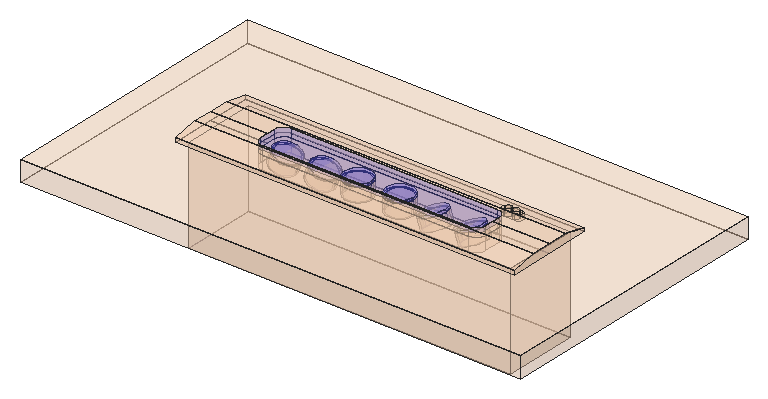
Revit family "CRVRSE", category Lighting Fixtures, host Face, Revit 2026
Family settings
  Host = Face
  Round Connector Dimension = Use Diameter
  Part Type = Normal
  Cut with Voids When Loaded = No
  Light Source = Yes
  Maintain Annotation Orientation = No
  Shared = No
  Room Calculation Point = No
Parameters (values of type "CRVRSE")
  Wattage = 9.2903 W
  built-in parameter 1150110 = 1 (stored number, unit not read)
  Type Image = CRVR IMAGE.png
  Type Comments = "EMERGENCY FIXTURE"
  built-in parameter 1114217 = 1 (stored number, unit not read)
  Tilt Angle = 90.00°
  built-in parameter 1150109 = 1 (stored number, unit not read)
  built-in parameter 1150134 = 3
  built-in parameter 1150113 = 1 (stored number, unit not read)
  Photometric Web File = "CRVRSEHO.ies"
  Model = "CRVRSE"
  Manufacturer = "BEGHELLI"
  built-in parameter 1150105 = 109.82 (stored number, unit not read)
  Lumens = 1380 lm
  built-in parameter 1150115 = 1 (stored number, unit not read)
  built-in parameter 1150137 = (empty or 0)
  built-in parameter 1150139 = (empty or 0)
  built-in parameter 1150112 = 1 (stored number, unit not read)
  built-in parameter 1150114 = 1 (stored number, unit not read)
  LENS MATERIAL = LENS MATERIAL
  built-in parameter 1150132 = (empty or 0)
  built-in parameter 1150102 = (empty or 0)
  built-in parameter 1150107 = 3200 (stored number, unit not read)
  built-in parameter 1150138 = (empty or 0)
  built-in parameter 1150106 = 1.0982 (stored number, unit not read)
  HOUSING MATERIAL = HOUSING MATERIAL
  Emit from Line Length = 2' - 0"
  built-in parameter 1150104 = 13.8 (stored number, unit not read)
  Dimming Lamp Color Temperature Shift = <None>
  Default Elevation = 4' - 0"
  Color Filter = 16777215
  built-in parameter 1114218 = 1 (stored number, unit not read)
  built-in parameter 1150133 = 10 (stored number, unit not read)
Reference planes (in)
  plane 1 "Center (Front/Back)": y = 0
  plane 2: z = 0
  plane 3 "Center (Left/Right)": x = 0
Forms (in)
  Extrusion 1, solid, material "HOUSING MATERIAL" <- "HOUSING MATERIAL"
    sketch origin (0, 0, 0) x (1, 0, 0) y (0, 1, 0)
      loop
        line (-7.75, 4.5) -> (-7.75, -4.42348) -> (7.94829, -4.42348) -> (7.94829, 4.5) -> (-7.75, 4.5)
    from 0 to -0.66255
  Extrusion 2, void
    sketch origin (0, 0, 0) x (1, 0, 0) y (0, 1, 0)
      loop
        line (-5.05, 1.17964) -> (-5.05, -1.17964) -> (5.05, -1.17964) -> (5.05, 1.17964) -> (-5.05, 1.17964)
    from -2.9843 to 0
Dimensions and locks (in)
  aligned and locked: plane 2 to Extrusion 1
  aligned and locked: level to Extrusion 1
Nested families (in)
  nested 1: "CRVR" at (0, 0, -2.9843), type "CRVR"
Definition of nested family "CRVR"
  Parameters (values of type "CRVR")
    LENS MATERIAL = none
    HOUSING MATERIAL = none
    Default Elevation = 0' - 0"
  Reference planes (in)
    plane 1 "Center (Front/Back)": y = 0
    plane 2: z = 0
    plane 3 "Center (Left/Right)": x = 0
  Dimensions and locks (in)
    aligned and locked: plane 2 to level
  Nested families (in)
    nested 1: "CRVR HOUSING" at (0, 0, 0), type "CRVR HOUSING"
    nested 2: "CRVR LENSES" at (0, 0.09375, 0), type "CRVR LENSES"
  Definition of nested family "CRVR HOUSING"
    Parameters (values of type "CRVR HOUSING")
      HOSING MATERIAL = none
      Default Elevation = 0' - 0"
    Reference planes (in)
      plane 1 "Center (Front/Back)": y = 0
      plane 2: z = 0
      plane 3 "Center (Left/Right)": x = 0
      plane 4: z = 2.9843
      plane 5: x = -5.315
      plane 6: x = -5.05
      plane 7: y = 1.38
      plane 8: y = -1.38
      plane 9: x = 5.315
      plane 10: x = 5.05
      plane 11: y = 1.17964
      plane 12: y = -1.17964
    Forms (in)
      Extrusion 1, solid, material <- "HOSING MATERIAL"
        sketch origin (0, 0, 0) x (1, 0, 0) y (0, 1, 0)
          loop
            line (-5.05, 1.17964) -> (-5.05, -1.17964) -> (5.05, -1.17964) -> (5.05, 1.17964) -> (-5.05, 1.17964)
        from 0 to 2.9843
      Extrusion 2, solid, material <- "HOSING MATERIAL"
        sketch origin (0, 0, 0) x (0, 1, 0) y (0, 0, 1)
          loop
            line (1.38, 2.9843) -> (1.38, 3.11012) -> (0.6373, 3.25448) -> (0, 3.25448) -> (-0.6373, 3.25448) -> (-1.38, 3.11012) -> (-1.38, 2.9843) -> (0, 2.9843) -> (1.38, 2.9843)
        from -5.315 to 5.315
      Extrusion 3, void
        sketch origin (0, 0.08008, 0) x (1, 0, 0) y (0, 1, 0)
          loop
            arc (-3.22792, 0.47698) -> (-3.43726, 0.39027) -> (-3.52398, 0.18093) r 0.29605
            line (-3.52398, 0.18093) -> (-3.52398, -0.34108)
            arc (-3.52398, -0.34108) -> (-3.43726, -0.55042) -> (-3.22792, -0.6373) r 0.29605
            line (-3.22792, -0.6373) -> (3.23574, -0.63714)
            arc (3.23574, -0.63714) -> (3.44508, -0.55042) -> (3.53297, -0.34108) r 0.29605
            line (3.53297, -0.34108) -> (3.53179, 0.18093)
            arc (3.53179, 0.18093) -> (3.44508, 0.39027) -> (3.23574, 0.47698) r 0.29605
            line (3.23574, 0.47698) -> (-3.22792, 0.47698)
        from 2.55278 to 3.98797
      Extrusion 4, void
        sketch origin (0.01562, -0.02344, 0) x (1, 0, 0) y (0, 1, 0)
          loop
            line (3.67563, 0.99208) -> (3.32016, 0.99208)
            arc (3.32016, 0.99208) -> (3.17285, 0.84476) -> (3.32016, 0.69745) r 0.14732
            line (3.32016, 0.69745) -> (3.67563, 0.69745)
            arc (3.67563, 0.69745) -> (3.82295, 0.84476) -> (3.67563, 0.99208) r 0.14732
        from 3.04172 to 3.63848
      Extrusion 5, solid, material <- "HOSING MATERIAL"
        sketch origin (0, 0, 0) x (1, 0, 0) y (0, 1, 0)
          loop
            circle (3.39267, 0.81242) r 0.09822
        from 3.04172 to 3.26622
      Extrusion 6, solid, material <- "HOSING MATERIAL"
        sketch origin (0.23518, 0, 0) x (1, 0, 0) y (0, 1, 0)
          loop
            circle (3.39267, 0.81242) r 0.09822
        from 3.04172 to 3.26622
    Cuts and joins
      Extrusion 3, Extrusion 4 cuts Extrusion 1
      Extrusion 3, Extrusion 4 cuts Extrusion 2
    Dimensions and locks (in)
      aligned and locked: plane 2 to level
      aligned and locked: plane 4 to Extrusion 1
  Definition of nested family "CRVR LENSES"
    Parameters (values of type "CRVR LENSES")
      LENS MATERIAL = none
      HOSING MATERIAL = none
      Default Elevation = 0' - 0"
    Reference planes (in)
      plane 1 "Center (Front/Back)": y = 0
      plane 2: z = 0
      plane 3 "Center (Left/Right)": x = 0
    Forms (in)
      Extrusion 1, solid, material <- "HOSING MATERIAL"
        sketch origin (-3.76994, 0, 0.52686) x (-0.939693, 0, 0.34202) y (0, -1, 0)
          loop
            circle (-1.13147, 0.12692) r 0.42353
          loop
            circle (-1.13147, 0.12692) r 0.37353
        from 2.55278 to 2.92171
      Extrusion 2, solid, material <- "LENS MATERIAL"
        sketch origin (-3.76994, 0, 0.52686) x (-0.939693, 0, 0.34202) y (0, -1, 0)
          loop
            circle (-1.13147, 0.12692) r 0.42353
        from 2.92171 to 3.00282
      Extrusion 3, solid, material <- "HOSING MATERIAL"
        sketch origin (-4.94657, 0, 0.54094) x (-0.939693, 0, 0.34202) y (0, -1, 0)
          loop
            circle (-1.13147, 0.12692) r 0.42353
          loop
            circle (-1.13147, 0.12692) r 0.37353
        from 2.55278 to 2.91641
      Extrusion 4, solid, material <- "LENS MATERIAL"
        sketch origin (-4.94657, 0, 0.54094) x (-0.939693, 0, 0.34202) y (0, -1, 0)
          loop
            circle (-1.13147, 0.12692) r 0.42353
        from 2.91641 to 2.99016
      Extrusion 5, solid, material <- "HOSING MATERIAL"
        sketch origin (-1.78484, 0, 0) x (-1, 0, 0) y (0, -1, 0)
          loop
            circle (-1.13147, 0.12692) r 0.42353
          loop
            circle (-1.13147, 0.12692) r 0.37353
        from 2.55278 to 3.00547
      Extrusion 6, solid, material <- "LENS MATERIAL"
        sketch origin (-1.78484, 0, 0) x (-1, 0, 0) y (0, -1, 0)
          loop
            circle (-1.13147, 0.12692) r 0.42353
        from 3.00547 to 3.08966
      Extrusion 7, solid, material <- "LENS MATERIAL"
        sketch origin (0, 0, 0) x (1, 0, 0) y (0, 1, 0)
          loop
            line (3.23574, 0.46331) -> (-3.22792, 0.46331)
            arc (-3.22792, 0.46331) -> (-3.43726, 0.3766) -> (-3.52398, 0.16725) r 0.29605
            line (-3.52398, 0.16725) -> (-3.52398, -0.35475)
            arc (-3.52398, -0.35475) -> (-3.43726, -0.5641) -> (-3.22792, -0.65081) r 0.29605
            line (-3.22792, -0.65081) -> (3.23574, -0.65097)
            arc (3.23574, -0.65097) -> (3.44508, -0.5641) -> (3.53179, -0.35475) r 0.29605
            line (3.53179, -0.35475) -> (3.53297, 0.16725)
            arc (3.53297, 0.16725) -> (3.44508, 0.3766) -> (3.23574, 0.46331) r 0.29605
        from 3.11012 to 3.25448
      Extrusion 8, solid, material <- "HOSING MATERIAL"
        sketch origin (3.76994, 0, 0.52686) x (0.939693, 0, 0.34202) y (0, 1, 0)
          loop
            circle (-1.13147, -0.12692) r 0.42353
          loop
            circle (-1.13147, -0.12692) r 0.37353
        from 2.55278 to 2.92171
      Extrusion 9, solid, material <- "LENS MATERIAL"
        sketch origin (3.76994, 0, 0.52686) x (0.939693, 0, 0.34202) y (0, 1, 0)
          loop
            circle (-1.13147, -0.12692) r 0.42353
        from 2.92171 to 3.00282
      Extrusion 10, solid, material <- "HOSING MATERIAL"
        sketch origin (4.94657, 0, 0.54094) x (0.939693, 0, 0.34202) y (0, 1, 0)
          loop
            circle (-1.13147, -0.12692) r 0.42353
          loop
            circle (-1.13147, -0.12692) r 0.37353
        from 2.55278 to 2.91641
      Extrusion 11, solid, material <- "LENS MATERIAL"
        sketch origin (4.94657, 0, 0.54094) x (0.939693, 0, 0.34202) y (0, 1, 0)
          loop
            circle (-1.13147, -0.12692) r 0.42353
        from 2.91641 to 2.99016
      Extrusion 12, solid, material <- "HOSING MATERIAL"
        sketch origin (1.78484, 0, 0) x (1, 0, 0) y (0, 1, 0)
          loop
            circle (-1.13147, -0.12692) r 0.42353
          loop
            circle (-1.13147, -0.12692) r 0.37353
        from 2.55278 to 3.00547
      Extrusion 13, solid, material <- "LENS MATERIAL"
        sketch origin (1.78484, 0, 0) x (1, 0, 0) y (0, 1, 0)
          loop
            circle (-1.13147, -0.12692) r 0.42353
        from 3.00547 to 3.08966
    Dimensions and locks (in)
      aligned and locked: plane 2 to level
